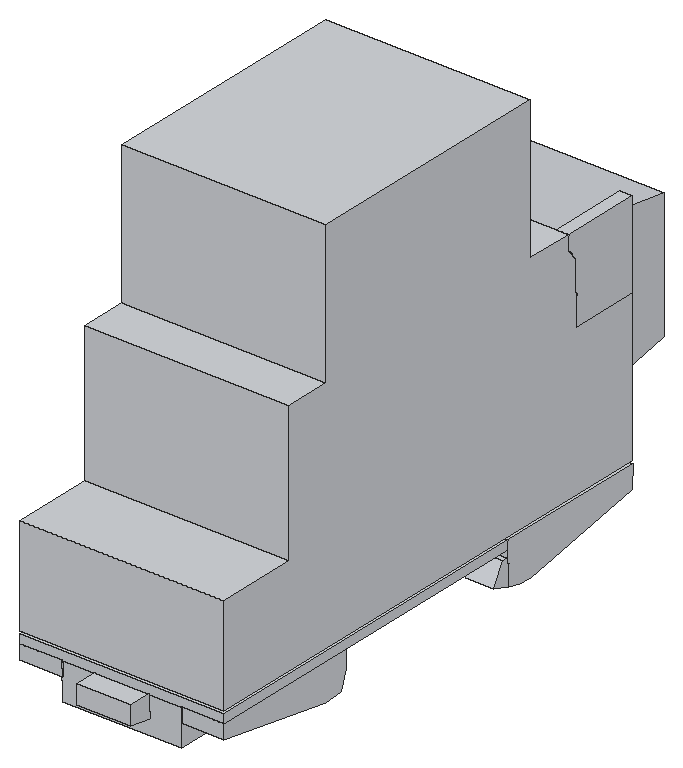
Revit family "Gira_543300", category Electrical Fixtures, host Face, Revit 2017
Family settings
  Host = Face
  Maintain Annotation Orientation = No
  Round Connector Dimension = Use Diameter
  Part Type = Normal
  Cut with Voids When Loaded = No
  Shared = No
  Room Calculation Point = No
Parameters (values of type "WL swit./m-c act. 1-g DRA Gira eNet")
  With label area = no
  URL = "https://www.gira.de/"
  Type of voltage (input voltage) = ""
  Type of load = ""
  Type of fastening = ""
  Type Comments = ""
  Transparent = no
  Surface protection = ""
  Surface finishing = ""
  Suitable for degree of protection (IP) = ""
  Suitable for C-load = no
  Serial dimmer = no
  Radio frequent bidirectional = no
  Power boost suitable = no
  Parallel-service possible = no
  Output power [Voltampere] = ""
  Number of outputs = 0
  Number of inputs = 0
  Number of binary inputs = 1
  Nominal voltage [Volt] = ""
  Modulare Erweiterungsmöglichkeit = no
  Model = ""
  Method of operation = ""
  Max. switching power [Voltampere] = 2300
  Max. number of switching contacts = 1
  Material quality = ""
  Material = ""
  Manufacturer = "Gira"
  Local operation/hand operation = no
  Light value memory = no
  Keynote = ""
  Input voltage [Volt] = ""
  HeinzeBIM = "https://www.heinze.de/bim/wl-swit-m-c-act-1-g-dra-gira-enet/09d5c4e62c6d905a1ec09bf9e37d86a6310b734c"
  Halogen free = no
  HAN = "543300"
  GTIN = "4010337774273"
  Frequency [Hz] = ""
  Dimming phase cut-on = no
  Dimming phase cut-off = no
  Verschiedene Phasen anschließbar = no
  Description = "WL swit. m-c act.1g DRA eNet eNet wireless switching momentary-contact actuator, 1-gang,DRA Features: Can be set with eNet server:: - Fully encrypted wireless transmission (AES CCM) from eNet Server software version 2.0. - Operation locks. - Device software update. - The eNet wireless switching or wireless momentary-contact actuator receives telegrams for switching lighting from the eNet wireless reception module or eNet server via a data cable. - Operating modes: Switching actuator or momentary-contact actuator. - Status feedback to eNet wireless transmitter. - Scene operation. - Operating mode buttons: Relay contact stays closed as long as telegrams are being received (max. 60 seconds). Can be set with eNet server:: - Flashing function. - Delay time. - Switch-on off delay. - Switch-off pre-warning. - Minimum switching repeat time. - Permanent-on, permanent-off.,Notes : - An eNet wireless reception module or an eNet server is required to operate this DIN-rail mounting device."
  Default Elevation = 1219.2 mm
  Cost = 0
  Anschlussart = ""
  Colour = ""
  Bus connection included = no
  BIMSITE_PRODUCT_ID = "09d5c4e62c6d905a1ec09bf9e37d86a6310b734c"
  BIM = "https://media.live.bim.site/t/eyJhbGciOiJIUzI1NiIsInR5cCI6IkpXVCJ9.eyJjdCI6MSwidGYiOiJwdWJsaWMvZ2lyYS8wOWY1ZGI1L0dpcmEgWDEgUkVHIEtOWC5yZmEiLCJjaWQiOiJmZWQ5OGU5YS0xYmQ4LTRjNjgtYTczYi03NGE5NGUzMTU4MjMiLCJyaWQiOiJiOWU0Yzg4MzEzZWEyODVkNThmMzA3NGI0OWI3NzU1NiIsInBpZCI6IjA5ZDVjNGU2MmM2ZDkwNWExZWMwOWJmOWUzN2Q4NmE2MzEwYjczNGMiLCJzaWQiOiI2MzQ3MCIsInV0Ijo1LCJsYyI6ImVuIiwiaWF0IjoxNjA3NDQyMDYxLCJpc3MiOiJodHRwczovL2FwaS5saXZlLmJpbS5zaXRlIiwic3ViIjoiOGQzYWE1Y2ItZTA2Ni00NTk4LWJlMTYtNmUxNmVlNzQ5NTZhIn0.e-MmVfrdCppPFuZ__-no33-ZSWFw9umXx1QbI2nUNNg/Gira X1 REG KNX.rfa"
  Zusammenstellung = ""
  Assembly Code = ""
  Applicable with transmission button = no
  Applicable with time switch/timer = no
  Applicable with presence indicator = no
  Applicable with movement sensor = no
  Applicable with infrared button = no
  Applicable with button = no
  App control via Bluetooth = no
Reference planes
  plane 1 "Center (Front/Back)": y = 0
  plane 2: z = 0
  plane 3 "Center (Left/Right)": x = 0
Forms (mm)
  Extrusion 1, solid, detail levels fine
    sketch origin (0, -0.2, 0) x (0, 1, 0) y (0, 0, 1)
      loop
        line (22.65, 43.82) -> (22.65, 68.77) -> (-22.25, 68.77) -> (-22.25, 43.82) -> (-30.4, 43.82) -> (-30.4, 19.42) -> (-44.8, 19.42) -> (-44.8, 1.97) -> (45.192, 1.97) -> (45.192, 28.47) -> (32.925, 28.47) -> (32.831, 39.259) -> (31.225, 41.242) -> (31.225, 43.82) -> (22.65, 43.82)
    from -17.95 to 17.95
  Extrusion 2, solid, detail levels fine
    sketch origin (0, -0.2, 0) x (0, 1, 0) y (0, 0, 1)
      loop
        line (45.192, 43.82) -> (31.225, 43.82) -> (31.225, 41.242) -> (32.831, 39.259) -> (32.925, 28.47) -> (45.192, 28.47) -> (45.192, 43.82)
    from -17.95 to -15.8
  Extrusion 3, solid, detail levels fine
    sketch origin (0, -0.2, 0) x (0, 1, 0) y (0, 0, -1)
      loop
        line (45.192, -43.82) -> (45.192, -28.47) -> (32.925, -28.47) -> (32.831, -39.259) -> (31.225, -41.242) -> (31.225, -43.82) -> (45.192, -43.82)
    from -17.95 to -15.8
  Extrusion 4, solid, detail levels fine
    sketch origin (0, -0.2, 0) x (0, 1, 0) y (0, 0, 1)
      loop
        line (31.5, 42.848) -> (31.5, 40.412)
        arc (31.5, 40.412) -> (38.359, 39.512) -> (45.192, 38.435) r 267
        line (45.192, 38.435) -> (45.192, 14.255)
        arc (45.192, 14.255) -> (50.205, 15.189) -> (55.2, 16.219) r 264.9
        line (55.2, 16.219) -> (55.2, 38.933)
        arc (55.2, 38.933) -> (43.394, 41.159) -> (31.5, 42.848) r 265
    from -15.506 to 15.5
  Extrusion 5, solid, detail levels fine
    sketch origin (0, -0.2, 0) x (0, 1, 0) y (0, 0, 1)
      loop
        line (45.2, 1.5) -> (17.774, 1.5) -> (17.905, -6.017)
        arc (17.905, -6.017) -> (20.285, -6.454) -> (22.7, -6.6) r 20
        arc (22.7, -6.6) -> (33.985, -5.009) -> (45.128, -2.618) r 160
        line (45.128, -2.618) -> (45.2, 1.5)
    from -17.95 to 18
  Extrusion 6, solid, detail levels fine
    sketch origin (0, -0.2, 0) x (0, 1, 0) y (0, 0, 1)
      loop
        line (17.905, -6.017) -> (17.824, -1.4) -> (16.8, -1.4) -> (14.749, -4.952)
        arc (14.749, -4.952) -> (16.305, -5.55) -> (17.905, -6.017) r 20
    from -17.95 to -13
  Extrusion 7, solid, detail levels fine
    sketch origin (0, -0.2, 0) x (0, 1, 0) y (0, 0, -1)
      loop
        arc (17.905, 6.017) -> (16.305, 5.55) -> (14.749, 4.952) r 20
        line (14.749, 4.952) -> (16.8, 1.4) -> (17.824, 1.4) -> (17.905, 6.017)
    from -17.95 to -13
  Extrusion 8, solid, detail levels fine
    sketch origin (0, -0.2, 0) x (0, 1, 0) y (0, 0, 1)
      loop
        line (17.8, 0) -> (17.774, 1.5) -> (-44.8, 1.5) -> (-44.774, 0) -> (17.8, 0)
    from -17.95 to 17.95
  Extrusion 9, solid, detail levels fine
    sketch origin (0, 0, 0) x (0, 1, 0) y (0, 0, 1)
      loop
        line (-48.916, -3.317) -> (-44.906, -3.881) -> (-44.974, 0) -> (-48.916, 0) -> (-48.916, -3.317)
    from -4.803 to 4.797
  Extrusion 10, solid, detail levels fine
    sketch origin (0, 0, 0) x (0, 1, 0) y (0, 0, 1)
      loop
        arc (-22.5, -6.6) -> (-20.811, -6.529) -> (-19.134, -6.315) r 20
        line (-19.134, -6.315) -> (-18.029, -3.279) -> (-18, 0) -> (-44.974, 0) -> (-44.928, -2.618)
        arc (-44.928, -2.618) -> (-33.785, -5.009) -> (-22.5, -6.6) r 160
    from -17.95 to -10.5
  Extrusion 11, solid, detail levels fine
    sketch origin (0, 0, 0) x (0, 1, 0) y (0, 0, -1)
      loop
        arc (-22.5, 6.6) -> (-33.785, 5.009) -> (-44.928, 2.618) r 160
        line (-44.928, 2.618) -> (-44.974, 0) -> (-18, 0) -> (-18.029, 3.279) -> (-19.134, 6.315)
        arc (-19.134, 6.315) -> (-20.811, 6.529) -> (-22.5, 6.6) r 20
    from -17.95 to -10.5
  Extrusion 12, solid, detail levels fine
    sketch origin (0, 0, 0) x (0, 1, 0) y (0, 0, 1)
      loop
        line (-30.708, -6.6) -> (-30.65, 0) -> (-44.974, 0) -> (-44.859, -6.6) -> (-30.708, -6.6)
    from -10.5 to 10.5
  Extrusion 13, solid, detail levels fine
    sketch origin (0, 0, 0) x (1, 0, 0) y (0, 1, 0)
      loop
        circle (-0.003, -20.023) r 1
    from -7.682 to 0
  Extrusion 14, solid, detail levels fine
    sketch origin (0, 0, 0) x (0, 1, 0) y (0, 0, 1)
      loop
        line (-17.523, -0.8) -> (-17.523, 0) -> (-30.65, 0) -> (-30.684, -3.9) -> (-27.106, -3.9) -> (-27.106, -5.6) -> (-19.623, -6.6) -> (-18.03, -6.6) -> (-15.023, -2.682) -> (-15.023, -1.517) -> (-17.523, -0.8)
    from -4.503 to 4.5
  Extrusion 15, solid, detail levels fine
    sketch origin (0, 0, 0) x (1, 0, 0) y (0, 1, 0)
      loop
        line (16.859, 43.848) -> (-16.859, 43.848) -> (-16.859, -43.859) -> (16.859, -43.859) -> (16.859, 43.848)
    from 1.5 to 4
  Extrusion 16, solid, detail levels medium
    sketch origin (0, 0, 0) x (0, 1, 0) y (0, 0, 1)
      loop
        line (22.45, 68.77) -> (-22.45, 68.77) -> (-22.45, 43.82) -> (-30.6, 43.82) -> (-30.6, 19.42) -> (-45, 19.42) -> (-45, 0) -> (-48.916, 0) -> (-48.916, -6.6) -> (-15.023, -6.6) -> (-15.023, 0) -> (14.549, 0) -> (14.549, -6.6) -> (44.992, -6.6) -> (44.992, 14.255)
        arc (44.992, 14.255) -> (50.005, 15.189) -> (55, 16.219) r 264.9
        line (55, 16.219) -> (55, 38.933)
        arc (55, 38.933) -> (50.005, 39.943) -> (44.992, 40.856) r 265
        line (44.992, 40.856) -> (44.992, 43.82) -> (22.45, 43.82) -> (22.45, 68.77)
    from -17.95 to 17.95
  Extrusion 17, solid, detail levels coarse
    sketch origin (0, 0, 0) x (1, 0, 0) y (0, 1, 0)
      loop
        line (-17.95, 55) -> (-17.95, -48.916) -> (17.95, -48.916) -> (17.95, 55) -> (-17.95, 55)
    from -7.682 to 68.77
Dimensions and locks
  aligned and locked: plane 2 to host face
  aligned and locked: level to host face
Connectors
  electrical at (0, -13.687, 0)
    settings: on Extrusion 8, index 1, voltage 24 V, apparent load 0 VA, apparent load phase1 0 VA, apparent load phase2 0 VA, apparent load phase3 0 VA, power factor 1, load classification "Other", number of poles 1, system type 30, power factor state 1, is connector primary yes, connector utility no, sub classification motor no, connector description ""
